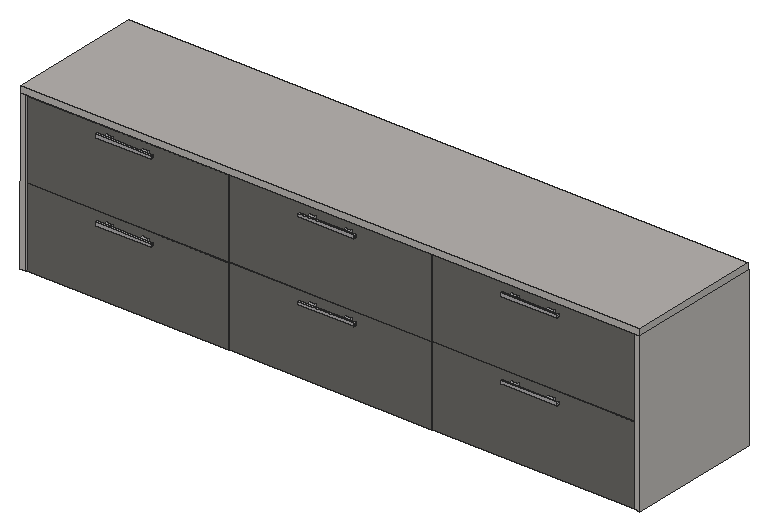
Revit family "Storage-Teknion-CWRS_Teknion_Reception_Console-R2016", category Furniture, Revit 2018 (continued)
Dimensions and locks (in)
  aligned and locked: curve 85 to Masking region 12
  aligned and locked: curve 86 to Masking region 12
  aligned and locked: curve 87 to Masking region 12
  aligned and locked: curve 88 to Masking region 12
  aligned and locked: curve 89 to Masking region 12
  aligned and locked: curve 90 to Masking region 12
  aligned and locked: curve 91 to Masking region 12
  aligned and locked: curve 92 to Masking region 12
  aligned and locked: curve 93 to Masking region 12
  aligned and locked: curve 94 to Masking region 11
  aligned and locked: curve 95 to Masking region 11
  aligned and locked: curve 96 to Masking region 11
  aligned and locked: curve 97 to Masking region 11
  aligned and locked: curve 98 to Masking region 11
  aligned and locked: curve 99 to Masking region 11
  aligned and locked: curve 100 to Masking region 11
  aligned and locked: curve 101 to Masking region 11
  aligned and locked: curve 16 to Sweep 15
  aligned and locked: curve 102 to Sweep 15
  aligned and locked: curve 103 to plane 42 "A"
  aligned and locked: curve 104 to plane 6 "Back"
  aligned and locked: curve 105 to plane 43 "C"
  aligned and locked: plane 7 "Front" to curve 106
Automatic sketch dimensions
  Sweep 24 sketch curve to plane 3 "Center Left/Right" = 0.000"
  plane 7 "Front" to curve 2 = 0.000"
  plane 7 "Front" to curve 1 = 0.000"
  curve 51 to plane 6 "Back" = 0.000"
  curve 69 to curve 68 = 0.000"
  plane 7 "Front" to curve 82 = 0.58594"
  plane 7 "Front" to curve 101 = 0.58594"
  curve 82 to curve 83 = 0.000"
  plane 7 "Front" to curve 84 = 0.58594"
  curve 100 to curve 101 = 0.000"
  plane 7 "Front" to curve 99 = 0.58594"
  curve 84 to curve 85 = 0.000"
  plane 7 "Front" to curve 86 = 0.58594"
  curve 98 to curve 99 = 0.000"
  plane 7 "Front" to curve 97 = 0.58594"
  curve 86 to curve 87 = 0.000"
  plane 7 "Front" to curve 88 = 0.58594"
  curve 96 to curve 97 = 0.000"
  plane 7 "Front" to curve 95 = 0.58594"
  curve 88 to curve 89 = 0.000"
  plane 7 "Front" to curve 90 = 0.58594"
  curve 94 to curve 95 = 0.000"
  plane 7 "Front" to curve 93 = 0.58594"
  curve 90 to curve 91 = 0.000"
  curve 92 to curve 93 = 0.000"
  curve 83 to curve 83 = 0.300"
  curve 93 to curve 93 = 0.300"
  curve 91 to curve 91 = 0.300"
  curve 90 to curve 90 = 0.300"
  curve 94 to curve 94 = 0.300"
  curve 95 to curve 95 = 0.300"
  curve 89 to curve 89 = 0.300"
  curve 88 to curve 88 = 0.300"
  curve 96 to curve 96 = 0.300"
  curve 97 to curve 97 = 0.300"
  curve 87 to curve 87 = 0.300"
  curve 86 to curve 86 = 0.300"
  curve 98 to curve 98 = 0.300"
  curve 99 to curve 99 = 0.300"
  curve 85 to curve 85 = 0.300"
  curve 84 to curve 84 = 0.300"
  curve 82 to curve 82 = 0.300"
  curve 100 to curve 100 = 0.300"
  curve 101 to curve 101 = 0.300"
  curve 92 to curve 92 = 0.300"
Types (4): name | Width | Vertical Door Cut Offset | Triple Bay Offset | Triple Bay Door Offset | Triple Bay | Top Side Offsets | Side Top Offsets | Not 4T | Not 2N | Model | Interal Divider Offsets | Horizontal Drawer Cut Offset 2 | Horizontal Drawer Cut Offset | Horizontal Drawer Cut Height Offset | Horizontal Drawer Cut 2 Height Offset | Height | Handle Vertical Triple | Handle Vertical Offsets 2 | Handle Vertical Offsets | Handle Vertical Double | Handle Horizontal Top Triple | Handle Horizontal Top Double | Handle Horizontal Bottom Triple | Double Bay Offset | Double Bay Door Offset | Double Bay | Description | Depth | Bottom Trim Offset | Bottom Trim Cutout | All Single Drawer Upper Closed Cabinet Lower & Triple | All Single Drawer Upper Closed Cabinet Lower & Double | All Single Drawer Upper - Closed Cabinet Lower | All Lateral File | Actual Width | 4T&Triple | 4T | 3N | 2N
  (no name) | 108.000" | 0.000" | 4.343" | 0.500" | yes | 1.039" | 27.961" | yes | no | "CWRS2N_______" | 27.961" | 0.500" | 4.343" | 13.902" | 24.062" | 29.000" | no | 3.912" | 2.680" | no | yes | no | yes | 0.500" | 0.500" | no | "Teknion Reception, Console Storage, 29\" Height, No Top Divider" | 24.000" | 1.020" | 0.500" | no | no | no | yes | 110.079" | no | no | no | yes
  29" Height, No Top Divider | 108.000" | 0.000" | 4.343" | 0.500" | yes | 1.039" | 27.961" | yes | no | "CWRS2N_______" | 27.961" | 0.500" | 4.343" | 13.902" | 24.062" | 29.000" | no | 3.912" | 2.680" | no | yes | no | yes | 0.500" | 0.500" | no | "Teknion Reception, Console Storage, 29\" Height, No Top Divider" | 24.000" | 1.020" | 0.500" | no | no | no | yes | 110.079" | no | no | no | yes
  36" Height, No Top Divider | 72.000" | 6.303" | 0.500" | 0.500" | no | 1.039" | 34.961" | yes | yes | "CWRS3N_______" | 34.961" | 4.343" | 0.500" | 13.241" | 28.500" | 36.000" | no | 3.991" | 2.759" | yes | no | yes | no | 4.343" | 4.343" | yes | "Teknion Reception, Console Storage, 36\" Height, No Top Divider" | 20.000" | 2.343" | 4.343" | no | yes | yes | no | 74.079" | no | no | yes | no
  40" Height, 36" H Storage with Top Divider | 108.000" | 6.303" | 4.343" | 4.343" | yes | 0.000" | 42.000" | no | yes | "CWRS4T_______" | 34.961" | 4.343" | 0.500" | 13.241" | 28.500" | 42.000" | yes | 3.991" | 2.759" | no | yes | no | no | 0.500" | 0.500" | no | "Teknion Reception, Console Storage, 40\" Height, 36\" H Storage with Top Divider" | 24.000" | 2.343" | 4.343" | yes | no | yes | no | 110.079" | yes | yes | no | no
